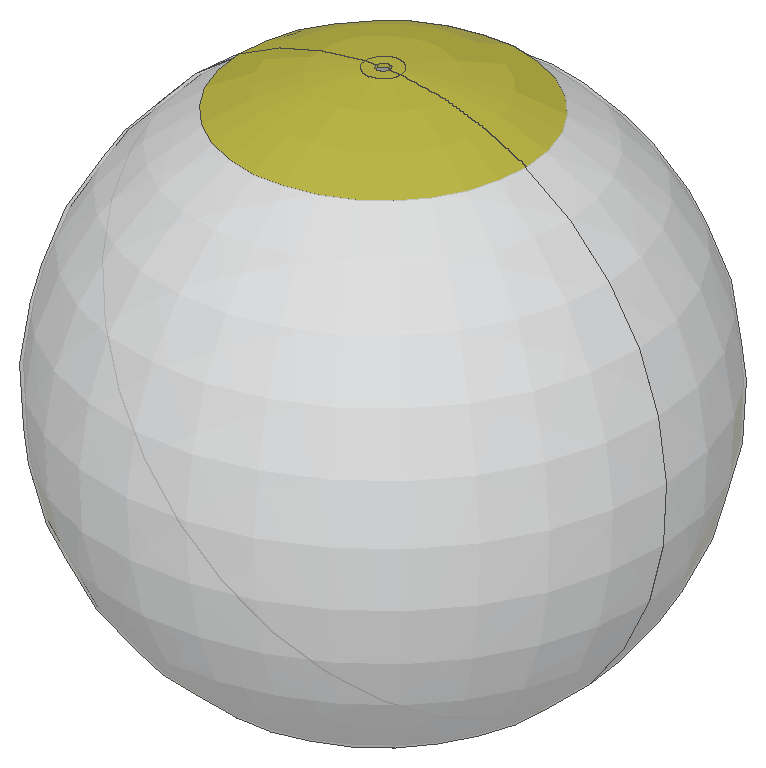
Revit family "OB22 SHADE", category Lighting Fixtures, Revit 2024
Family settings
  Round Connector Dimension = Use Diameter
  Part Type = Normal
  OmniClass Number = 23.80.70.00
  OmniClass Title = Lighting
  Work Plane-Based = No
  Always vertical = Yes
  Cut with Voids When Loaded = No
  Light Source = No
  Maintain Annotation Orientation = No
  Shared = No
  Room Calculation Point = No
Parameters
  Default Elevation = 0' - 0"
Reference planes (in)
  plane 1 "Light Source Axis (F/B)": y = 0
  plane 2: z = 0
  plane 3 "Light Source Axis (L/R)": x = 0
  plane 4 "Light Source Elevation": z = 54
Forms (in)
  Revolve 1, solid
    sketch origin (0, 0, 0) x (1, 0, 0) y (0, 0, 1)
      loop
        arc (0, 54.09375) -> (-10.56497, 62.29304) -> (-5.24451, 74.5625) r 10.90625
        line (-5.24451, 74.5625) -> (-5.37327, 74.5625)
        arc (-5.37327, 74.5625) -> (-3.10946, 75.51878) -> (-0.68956, 75.94705) r 10.96875
        line (-0.68956, 75.94705) -> (-0.25, 75.94705) -> (-0.25, 76.0408) -> (-0.6925, 76.0408)
        arc (-0.6925, 76.0408) -> (-3.21349, 75.58548) -> (-5.56215, 74.5625) r 11.0625
        line (-5.56215, 74.5625) -> (-5.43678, 74.5625)
        arc (-5.43678, 74.5625) -> (-10.63455, 62.18819) -> (0, 54) r 11
        line (0, 54) -> (0, 54.09375)
      axis (0, 76.0408) -> (0, 54)
    angle from 0 to 360
Dimensions and locks (in)
  aligned and locked: level to plane 2
